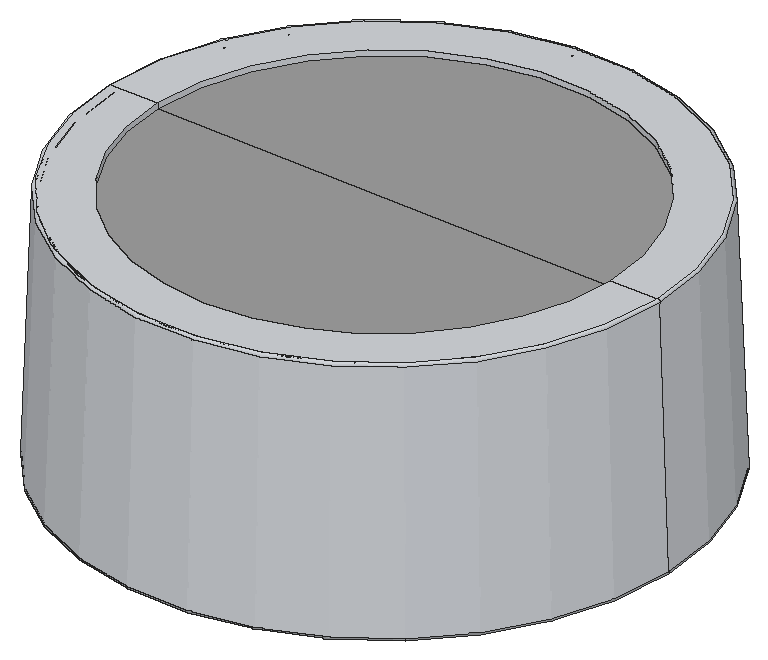
Revit family "START Downlight Surface", category Lighting Fixtures, host Face, Revit 2017
Family settings
  Host = Face
  Round Connector Dimension = Use Diameter
  Part Type = Normal
  OmniClass Number = 23.80.70.00
  OmniClass Title = Lighting
  Cut with Voids When Loaded = No
  Light Source = Yes
  Shared = No
  Room Calculation Point = No
Parameters (values of type "0030447 ST DOWNLIGHT 220 2025LM 840 SURFACE")
  Weight = "6.416 kg"
  Wattage Comments = ""
  Wattage = 21 W
  WarrantyStartDate [instance] = "n/a"
  WarrantyGuarantorParts = "n/a"
  WarrantyDurationUnit = "n/a"
  WarrantyDurationParts = "n/a"
  WarrantyDescription = "n/a"
  built-in parameter 1150110 = 1 (stored number, unit not read)
  Voltage = 0 V
  URL = "http://www.sylvania-lighting.com"
  TypeName = "START Downlight 220 2025lm 840 Surface"
  Type Image = <None>
  Type Comments = "n/a"
  built-in parameter 1114217 = 1 (stored number, unit not read)
  Tilt Angle = -90.00°
  built-in parameter 1150109 = 1 (stored number, unit not read)
  built-in parameter 1150134 = 12
  TOP_RAD_SYL = if([0_S_SYL], 79 mm, 106.5 mm)  # 106.5 mm
  built-in parameter 1150113 = 1 (stored number, unit not read)
  SerialNumber [instance] = "n/a"
  Photometric Web File = "0030447.ies"
  PLATE_THICKNESS_SYL = 2 mm
  Material_3_SYL = none
  PowerFactor = 0.9
  PowerConsumption = "21 W"
  NominalLength = 220 mm
  NominalHeight = 95 mm
  NominalDepth = 220 mm
  Name = "START Downlight 220 2025lm 840 Surface"
  ModelReference = Name  # "START Downlight 220 2025lm 840 Surface"
  ModelNumber = "0030447"
  Model = Name  # "START Downlight 220 2025lm 840 Surface"
  Material = "aluminium housing, pc polycarbonate diffuser"
  ManufacturerName = "Feilo Sylvania"
  Manufacturer = "Feilo Sylvania"
  LuminousEfficacy = "96 lm/W"
  built-in parameter 1150105 = 1110.3 (stored number, unit not read)
  Lumens = 2016 lm
  LuminaireType = ""
  built-in parameter 1150115 = 1 (stored number, unit not read)
  LightOutputRatio = "n/a"
  built-in parameter 1150137 = (empty or 0)
  built-in parameter 1150139 = (empty or 0)
  LampsType = Lamp  # "LED"
  LampNominalLuminous = "2025 lm"
  LampMacAdamStep = "5"
  LampColourTemperature = "4000 K"
  LampColourRenderingIndex = "80"
  built-in parameter 1150112 = 1 (stored number, unit not read)
  built-in parameter 1150114 = 1 (stored number, unit not read)
  Lamp = "LED"
  LUM_RAD_SYL = if([0_S_SYL], 40 mm, 53 mm)  # 53 mm
  LUM_H_SYL = if([0_S_SYL], 42 mm, 53.5 mm)  # 53.5 mm
  LUM_CHAMFER_SYL = 3.5 mm
  Keynote = "16500"
  InstallationDate [instance] = "n/a"
  InputVoltage = "n/a"
  InputNominalFrequency = "n/a"
  built-in parameter 1150132 = (empty or 0)
  built-in parameter 1150102 = (empty or 0)
  built-in parameter 1150107 = 4000 (stored number, unit not read)
  built-in parameter 1150138 = (empty or 0)
  IngressProtection = "IP20"
  ImpactProtectionIndex = "IK07"
  built-in parameter 1150106 = 11.103 (stored number, unit not read)
  IfcExportType = "IfcLightFixtureType"
  IfcExportAs = "IfcLightFixtureType"
  HEIGHT_SYL = 94 mm
  Emit from Circle Diameter = 609.6 mm
  Emit Shape Visible in Rendering = no
  ElectricShockClassification = "Class II"
  built-in parameter 1150104 = 8.9187 (stored number, unit not read)
  DocumentationLiterature = "http://www.sylvania-lighting.com/product/en-int/products/0030447"
  DimmingControlOptions = "n/a"
  Material_2_SYL = none
  Dimming Lamp Color Temperature Shift = <None>
  Description = "Surface mounted LED downlight with diameter size of 220mm. Ideal replacement for 1x42W CFL downlights. The polycarbonate diffuser allows for a wider light distribution and increased spacings between luminiares. Loop in loop out connector allows for quick installation. Die-cast aluminium body, 2025LM, 21W, 101lm/W, 4000K, Driver Current: 600mA, CRI80, Non-dimmable LED driver, IP20, IK07, 50,000 hrs (L70), (HxW) 94x220mm, Class 2,  220-240V, energy class: A++, A+, A"
  Default Elevation = 1219.2 mm
  DIF_RAD_SYL = if([0_S_SYL], 60 mm, 87.5 mm)  # 87.5 mm
  CreatedOn = "12/12/2020"
  CreatedBy = "@sylvania-lighting.com"
  Cost = 0
  Color Filter = 16777215
  built-in parameter 1114216 [instance] = (empty or 0)
  ClassificationValue = "EF_70_80"
  ClassificationName = "Uniclass2015"
  Material_1_SYL = Default
  BarCode [instance] = "n/a"
  built-in parameter 1114218 = 1 (stored number, unit not read)
  BOTTOM_RAD_SYL = if([0_S_SYL], 81.8 mm, 110 mm)  # 110 mm
  BOTTOM_RAD2_SYL = BOTTOM_RAD_SYL - 2 mm  # 108 mm
  built-in parameter 1150133 = 10 (stored number, unit not read)
  AssetType = "Fixed"
  AssetIdentifier [instance] = "n/a"
  Assembly Code = "D5020200"
  Apparent Load = 21 VA
  Material_4_SYL = none
  0_S_SYL = no
  0_M_SYL = yes
Types (4, lengths in mm): name | Weight | Wattage | TypeName | built-in parameter 1150134 | TOP_RAD_SYL | Photometric Web File | PowerConsumption | NominalLength | NominalDepth | Name | ModelReference | ModelNumber | Model | LuminousEfficacy | built-in parameter 1150105 | Lumens | LampNominalLuminous | LampColourTemperature | LUM_RAD_SYL | LUM_H_SYL | built-in parameter 1150107 | built-in parameter 1150106 | built-in parameter 1150104 | DocumentationLiterature | Description | DIF_RAD_SYL | BOTTOM_RAD_SYL | BOTTOM_RAD2_SYL | Apparent Load | 0_S_SYL | 0_M_SYL
  0030447 ST DOWNLIGHT 220 2025LM 840 SURFACE | "6.416 kg" | 21 W | "START Downlight 220 2025lm 840 Surface" | 12 | 106.5 | "0030447.ies" | "21 W" | 220 | 220 | "START Downlight 220 2025lm 840 Surface" | "START Downlight 220 2025lm 840 Surface" | "0030447" | "START Downlight 220 2025lm 840 Surface" | "96 lm/W" | 1110.3 (stored number, unit not read) | 2016 lm | "2025 lm" | "4000 K" | 53 | 53.5 | 4000 (stored number, unit not read) | 11.103 (stored number, unit not read) | 8.9187 (stored number, unit not read) | "http://www.sylvania-lighting.com/product/en-int/products/0030447" | "Surface mounted LED downlight with diameter size of 220mm. Ideal replacement for 1x42W CFL downlights. The polycarbonate diffuser allows for a wider light distribution and increased spacings between luminiares. Loop in loop out connector allows for quick installation. Die-cast aluminium body, 2025LM, 21W, 101lm/W, 4000K, Driver Current: 600mA, CRI80, Non-dimmable LED driver, IP20, IK07, 50,000 hrs (L70), (HxW) 94x220mm, Class 2,  220-240V, energy class: A++, A+, A" | 87.5 | 110 | 108 | 21 VA | no | yes
  0030446 ST DOWNLIGHT 220 1950LM 830 SURFACE | "6.416 kg" | 21 W | "START Downlight 220 1950lm 830 Surface" | (empty or 0) | 106.5 | "0030446.ies" | "21 W" | 220 | 220 | "START Downlight 220 1950lm 830 Surface" | "START Downlight 220 1950lm 830 Surface" | "0030446" | "START Downlight 220 1950lm 830 Surface" | "93 lm/W" | 1089.6 (stored number, unit not read) | 1953 lm | "1950 lm" | "3000 K" | 53 | 53.5 | 3000 (stored number, unit not read) | 10.896 (stored number, unit not read) | 8.64 (stored number, unit not read) | "http://www.sylvania-lighting.com/product/en-int/products/0030446" | "Surface mounted LED downlight with diameter size of 220mm. Ideal replacement for 1x42W CFL downlights. The polycarbonate diffuser allows for a wider light distribution and increased spacings between luminiares. Loop in loop out connector allows for quick installation. Die-cast aluminium body, 1950LM, 21W, 98lm/W, 3000K, Driver Current: 600mA, CRI80, Non-dimmable LED driver, IP20, IK07, 50,000 hrs (L70), (HxW) 94x220mm, Class 2,  220-240V, energy class: A++, A+, A" | 87.5 | 110 | 108 | 21 VA | no | yes
  0030445 ST DOWNLIGHT 165 1175LM 840 SURFACE | "7.02 kg" | 12 W | "START Downlight 165 1175lm 840 Surface" | 12 | 79 | "0030445.ies" | "12 W" | 165 | 165 | "START Downlight 165 1175lm 840 Surface" | "START Downlight 165 1175lm 840 Surface" | "0030445" | "START Downlight 165 1175lm 840 Surface" | "98 lm/W" | 654.45 (stored number, unit not read) | 1176 lm | "1175 lm" | "4000 K" | 40 | 42 | 4000 (stored number, unit not read) | 6.5445 (stored number, unit not read) | 9.1045 (stored number, unit not read) | "http://www.sylvania-lighting.com/product/en-int/products/0030445" | "Surface mounted LED downlight with diameter size of 165mm. Ideal replacement for 1x26W CFL downlights. The polycarbonate diffuser allows for a wider light distribution and increased spacings between luminiares. Loop in loop out connector allows for quick installation. Die-cast aluminium body, 1175LM, 12W, 98lm/W, 4000K, Driver Current: 290mA, CRI80, Non-dimmable LED driver, IP20, IK07, 50,000 hrs (L70), (HxW) 94x165mm, Class 2,  220-240V, energy class: A++, A+, A" | 60 | 81.8 | 79.8 | 12 VA | yes | no
  0030444 ST DOWNLIGHT 165 1100LM 830 SURFACE | "7.02 kg" | 12 W | "START Downlight 165 1100lm 830 Surface" | (empty or 0) | 79 | "0030444.ies" | "12 W" | 165 | 165 | "START Downlight 165 1100lm 830 Surface" | "START Downlight 165 1100lm 830 Surface" | "0030444" | "START Downlight 165 1100lm 830 Surface" | "92 lm/W" | 614.16 (stored number, unit not read) | 1104 lm | "1100 lm" | "3000 K" | 40 | 42 | 3000 (stored number, unit not read) | 6.1416 (stored number, unit not read) | 8.5471 (stored number, unit not read) | "http://www.sylvania-lighting.com/product/en-int/products/0030444" | "Surface mounted LED downlight with diameter size of 165mm. Ideal replacement for 1x26W CFL downlights. The polycarbonate diffuser allows for a wider light distribution and increased spacings between luminiares. Loop in loop out connector allows for quick installation. Die-cast aluminium body, 1100LM, 12W, 92lm/W, 3000K, Driver Current: 290mA, CRI80, Non-dimmable LED driver, IP20, IK07, 50,000 hrs (L70), (HxW) 94x165mm, Class 2,  220-240V, energy class: A++, A+, A" | 60 | 81.8 | 79.8 | 12 VA | yes | no
Reference planes
  plane 1 "Center (Front/Back)": y = 0
  plane 2: z = 0
  plane 3 "Center (Left/Right)": x = 0
  plane 4: x = 106.5
  plane 5: x = -79
  plane 6: x = 110
  plane 7: x = -81.8
  plane 8: z = 2
  plane 9: z = -92
  plane 10: x = -87.5
  plane 11: x = 87.5
  plane 12: x = 108
  plane 13: x = -79.8
  plane 14: x = -53
  plane 15: x = 40
  plane 16: z = -3.5
  plane 17: z = -53.5
Forms (mm)
  Revolve 1, solid
    sketch origin (0, 0, 0) x (1, 0, 0) y (0, 0, 1)
      loop
        line (87.5, 2) -> (87.5, 0) -> (103.589, 0)
        arc (103.589, 0) -> (104.283, -0.28) -> (104.588, -0.963) r 1
        line (104.588, -0.963) -> (108, -92) -> (108.97, -92)
        arc (108.97, -92) -> (109.69, -91.694) -> (109.969, -90.963) r 1
        line (109.969, -90.963) -> (106.529, 1.037)
        arc (106.529, 1.037) -> (106.223, 1.72) -> (105.529, 2) r 1
        line (105.529, 2) -> (87.5, 2)
      axis (0, -92) -> (0, 2)
    angle from 360 to 0
  Revolve 2, solid, material "Default" <- "Material_1_SYL"
    sketch origin (0, 0, 0) x (1, 0, 0) y (0, 0, 1)
      loop
        line (-87.5, 0) -> (-87.5, -3.5)
        arc (-87.5, -3.5) -> (-78.038, -33.874) -> (-53, -53.5) r 53.482
        line (-53, -53.5) -> (0, -53.5) -> (0, 0) -> (-87.5, 0)
      axis (0, -53.5) -> (0, 0)
    angle from 360 to 0
Dimensions and locks
  "BOTTOM_RAD_SYL": plane 6 to plane 3 "Center (Left/Right)"
  "TOP_RAD_SYL": plane 4 to plane 3 "Center (Left/Right)"
  "DIF_RAD_SYL": plane 11 to plane 3 "Center (Left/Right)"
  "HEIGHT_SYL": plane 8 to plane 9
  "PLATE_THICKNESS_SYL": plane 8 to host face
  "BOTTOM_RAD2_SYL": plane 3 "Center (Left/Right)" to plane 12
  "LUM_RAD_SYL": plane 3 "Center (Left/Right)" to plane 14
  "LUM_CHAMFER_SYL": host face to plane 16
  "LUM_H_SYL": host face to plane 17
  "DIF_RAD_SYL": plane 3 "Center (Left/Right)" to plane 10
  aligned and locked: plane 2 to host face
  aligned and locked: level to host face
Automatic sketch dimensions
  host sketch curve to host sketch curve = 2438.4 mm  (x2)
  Revolve 1 sketch curve to plane 3 "Center (Left/Right)" = 0 mm
  Revolve 1 sketch curve to plane 8 = 0 mm
  Revolve 1 sketch curve to plane 11 = 0 mm
  Revolve 1 sketch curve to level = 0 mm
  Revolve 1 sketch curve to plane 9 = 0 mm
  plane 12 to Revolve 1 sketch curve = 0 mm
  Revolve 1 sketch curve to level = 1 mm
  Revolve 1 sketch curve to plane 4 = 2.911 mm
  Revolve 1 sketch curve to plane 4 = 0.971 mm
  plane 4 to Revolve 1 sketch curve = 0.029 mm
  Revolve 1 sketch curve to plane 6 = 0.031 mm
  Revolve 1 sketch curve to Revolve 1 sketch curve = 1 mm
  plane 9 to Revolve 1 sketch curve = 212.8 mm
  Revolve 1 sketch curve to plane 8 = 302.8 mm
  Revolve 2 sketch curve to plane 10 = 0 mm
  Revolve 2 sketch curve to plane 14 = 0 mm
  Revolve 2 sketch curve to plane 16 = 0 mm
  Revolve 2 sketch curve to plane 3 "Center (Left/Right)" = 0 mm  (x2)
  Revolve 2 sketch curve to plane 17 = 0 mm
  Revolve 2 sketch curve to level = 0 mm
  plane 9 to Revolve 2 sketch curve = 212.8 mm
  Revolve 2 sketch curve to plane 8 = 302.8 mm
